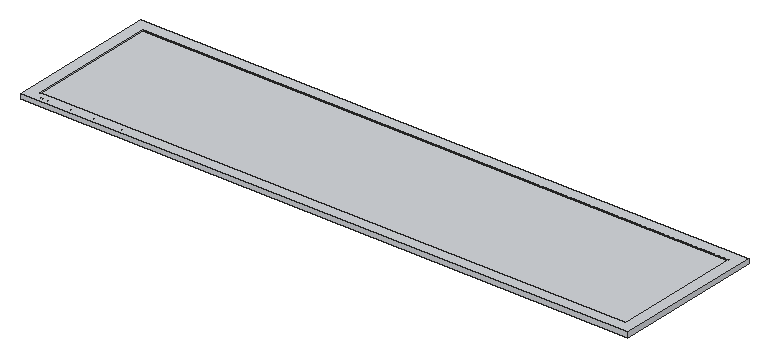
Revit family "0042573", category Lighting Fixtures, host Face, Revit 2017
Family settings
  Host = Face
  Round Connector Dimension = Use Diameter
  Part Type = Normal
  OmniClass Number = 23.80.70.00
  OmniClass Title = Lighting
  Cut with Voids When Loaded = No
  Light Source = Yes
  Shared = No
  Room Calculation Point = No
Parameters (values of type "0042573 ST PANEL UGR19 1200X300 3800LM 840 SSC")
  Weight = "kg"
  Wattage Comments = ""
  Wattage = 36 W
  WarrantyStartDate [instance] = "n/a"
  WarrantyGuarantorParts = "n/a"
  WarrantyDurationUnit = "n/a"
  WarrantyDurationParts = "n/a"
  WarrantyDescription = "n/a"
  WIDTH_SYL = 147.5 mm
  built-in parameter 1150110 = 1 (stored number, unit not read)
  Voltage = 0 V
  URL = "http://www.sylvania-lighting.com"
  TypeName = "START Panel UGR19 1200x300 3800Lm 840 SSC"
  Type Image = <None>
  Type Comments = "n/a"
  built-in parameter 1114217 = 1 (stored number, unit not read)
  Tilt Angle = -90.00°
  built-in parameter 1150109 = 1 (stored number, unit not read)
  built-in parameter 1150134 = 12
  TOP__WIDTH_SYL = 545 mm
  TOP_WIDTH_SYL = 265 mm
  TOP_DEPTH_SYL = 95 mm
  built-in parameter 1150113 = 1 (stored number, unit not read)
  SerialNumber [instance] = "n/a"
  Photometric Web File = "0042573.ies"
  Material_3_SYL = none
  PowerFactor = 0
  PowerConsumption = "36 W"
  NominalLength = 1195 mm
  NominalHeight = 35 mm
  NominalDepth = 295 mm
  Name = "START Panel UGR19 1200x300 3800Lm 840 SSC"
  ModelReference = Name  # "START Panel UGR19 1200x300 3800Lm 840 SSC"
  ModelNumber = "0042573"
  Model = Name  # "START Panel UGR19 1200x300 3800Lm 840 SSC"
  Material = "aluminium,steel housing, other diffuser"
  ManufacturerName = "Feilo Sylvania"
  Manufacturer = "Feilo Sylvania"
  MAINHEIGHT_SYL = 63 mm
  LuminousEfficacy = "106 lm/W"
  built-in parameter 1150105 = 303.67 (stored number, unit not read)
  Lumens = 3816 lm
  LuminaireType = ""
  built-in parameter 1150115 = 1 (stored number, unit not read)
  LightOutputRatio = "n/a"
  built-in parameter 1150137 = (empty or 0)
  built-in parameter 1150139 = (empty or 0)
  LampsType = Lamp  # "LED"
  LampNominalLuminous = "3800 lm"
  LampMacAdamStep = "3"
  LampColourTemperature = "4000 K"
  LampColourRenderingIndex = "80"
  built-in parameter 1150112 = 1 (stored number, unit not read)
  built-in parameter 1150114 = 1 (stored number, unit not read)
  Lamp = "LED"
  LUMWIDTH_SYL = 576.5 mm
  LUMDEPTH_SYL = 126.5 mm
  Keynote = "16500"
  InstallationDate [instance] = "n/a"
  InputVoltage = "n/a"
  InputNominalFrequency = "n/a"
  built-in parameter 1150132 = (empty or 0)
  built-in parameter 1150102 = (empty or 0)
  built-in parameter 1150107 = 4000 (stored number, unit not read)
  built-in parameter 1150138 = (empty or 0)
  IngressProtection = "IP40/20"
  ImpactProtectionIndex = "IK03"
  built-in parameter 1150106 = 3.0367 (stored number, unit not read)
  IfcExportType = "IfcLightFixtureType"
  IfcExportAs = "IfcLightFixtureType"
  HEIGHT_SYL = 33 mm
  HEIGHTBOTT_SYL = 7 mm
  Emit from Circle Diameter = 609.6 mm
  Emit Shape Visible in Rendering = no
  ElectricShockClassification = "Class II"
  built-in parameter 1150104 = 9.8477 (stored number, unit not read)
  DocumentationLiterature = "http://www.sylvania-lighting.com/product/en-int/products/0042573"
  DimmingControlOptions = "n/a"
  Material_2_SYL = none
  Dimming Lamp Color Temperature Shift = <None>
  Description = "START Panel is a range of backlit LED panels used in recessed ceilings. Ideal for general indoor appliactions such as corridors, breakrooms, offices and meeting rooms. Luminaire dimensions are compatible with common ceiling installation, and the shallow design makes it easy to install in low ceilings. 3800Lm; 36W; 106Lm/W; Drive current: 750mA; Average life: 50000Hrs; 4000K; CRI 80; Glare control <19; IK03; IP40 (from the front); SDCM<3; Class II; Loop in loop out connector for quick installation. SylSmart Standalone (SSC) enabled."
  Default Elevation = 1219.2 mm
  DEPTH_SYL = 597.5 mm
  CreatedOn = "11/2/2020"
  CreatedBy = "@sylvania-lighting.com"
  Cost = 0
  Color Filter = 16777215
  built-in parameter 1114216 [instance] = (empty or 0)
  ClassificationValue = "EF_70_80"
  ClassificationName = "Uniclass2015"
  Material_1_SYL = none
  BarCode [instance] = "n/a"
  built-in parameter 1114218 = 1 (stored number, unit not read)
  BOX_WIDTH_SYL = 40 mm
  built-in parameter 1150133 = 10 (stored number, unit not read)
  AssetType = "Fixed"
  AssetIdentifier [instance] = "n/a"
  Assembly Code = "D5020200"
  Apparent Load = 36 VA
  Material_4_SYL = none
  -LUMDEPTH_SYL = LUMDEPTH_SYL * (-1)  # -126.5 mm
  -BOX_WIDTH_SYL = BOX_WIDTH_SYL * (-1)  # -40 mm
Types (3, lengths in mm): name | TypeName | built-in parameter 1150134 | Photometric Web File | Name | ModelReference | ModelNumber | Model | LuminousEfficacy | built-in parameter 1150105 | Lumens | LampNominalLuminous | LampMacAdamStep | LampColourTemperature | built-in parameter 1150107 | built-in parameter 1150106 | built-in parameter 1150104 | DocumentationLiterature | Description
  0042573 ST PANEL UGR19 1200X300 3800LM 840 SSC | "START Panel UGR19 1200x300 3800Lm 840 SSC" | 12 | "0042573.ies" | "START Panel UGR19 1200x300 3800Lm 840 SSC" | "START Panel UGR19 1200x300 3800Lm 840 SSC" | "0042573" | "START Panel UGR19 1200x300 3800Lm 840 SSC" | "106 lm/W" | 303.67 (stored number, unit not read) | 3816 lm | "3800 lm" | "3" | "4000 K" | 4000 (stored number, unit not read) | 3.0367 (stored number, unit not read) | 9.8477 (stored number, unit not read) | "http://www.sylvania-lighting.com/product/en-int/products/0042573" | "START Panel is a range of backlit LED panels used in recessed ceilings. Ideal for general indoor appliactions such as corridors, breakrooms, offices and meeting rooms. Luminaire dimensions are compatible with common ceiling installation, and the shallow design makes it easy to install in low ceilings. 3800Lm; 36W; 106Lm/W; Drive current: 750mA; Average life: 50000Hrs; 4000K; CRI 80; Glare control <19; IK03; IP40 (from the front); SDCM<3; Class II; Loop in loop out connector for quick installation. SylSmart Standalone (SSC) enabled."
  0042572 ST PANEL UGR19 1200X300 3600LM 830 SSC | "START Panel UGR19 1200x300 3600Lm 830 SSC" | (empty or 0) | "0042572.ies" | "START Panel UGR19 1200x300 3600Lm 830 SSC" | "START Panel UGR19 1200x300 3600Lm 830 SSC" | "0042572" | "START Panel UGR19 1200x300 3600Lm 830 SSC" | "100 lm/W" | 286.48 (stored number, unit not read) | 3600 lm | "3600 lm" | "3" | "3000 K" | 3000 (stored number, unit not read) | 2.8648 (stored number, unit not read) | 9.2903 (stored number, unit not read) | "http://www.sylvania-lighting.com/product/en-int/products/0042572" | "START Panel is a range of backlit LED panels used in recessed ceilings. Ideal for general indoor appliactions such as corridors, breakrooms, offices and meeting rooms. Luminaire dimensions are compatible with common ceiling installation, and the shallow design makes it easy to install in low ceilings. 3600Lm; 36W; 100Lm/W; Drive current: 750mA; Average life: 50000Hrs; 3000K; CRI 80; Glare control <19; IK03; IP40 (from the front); SDCM<3; Class II; Loop in loop out connector for quick installation. SylSmart Standalone (SSC) enabled."
  0042574 ST PANEL UGR19 1200X300 3800LM 865 SSC | "START Panel UGR19 1200x300 3800Lm 865 SSC" | 1 | "0042574.ies" | "START Panel UGR19 1200x300 3800Lm 865 SSC" | "START Panel UGR19 1200x300 3800Lm 865 SSC" | "0042574" | "START Panel UGR19 1200x300 3800Lm 865 SSC" | "106 lm/W" | 303.67 (stored number, unit not read) | 3816 lm | "4000 lm" | "6" | "6500 K" | 6500 (stored number, unit not read) | 3.0367 (stored number, unit not read) | 9.8477 (stored number, unit not read) | "http://www.sylvania-lighting.com/product/en-int/products/0042574" | "START Panel is a range of backlit LED panels used in recessed ceilings. Ideal for general indoor appliactions such as corridors, breakrooms, offices and meeting rooms. Luminaire dimensions are compatible with common ceiling installation, and the shallow design makes it easy to install in low ceilings. 3800Lm; 36W; 106Lm/W; Drive current: 750mA; Average life: 50000Hrs; 6500K; CRI 80; Glare control <19; IK03; IP40 (from the front); Class II; Loop in loop out connector for quick installation. SylSmart Standalone (SSC) enabled."
Reference planes
  plane 1 "Center (Front/Back)": y = 0
  plane 2: z = 0
  plane 3 "Center (Left/Right)": x = 0
  plane 4: z = -33
  plane 5: z = -7
  plane 6: z = -63
  plane 7: x = 597.5
  plane 8: x = -597.5
  plane 9: y = 147.5
  plane 10: y = -147.5
  plane 11: x = 576.5
  plane 12: x = -576.5
  plane 13: y = -126.5
  plane 14: y = 126.5
  plane 15: y = -265
  plane 16: y = 265
  plane 17: x = -40
  plane 18: x = 40
  plane 19: x = 0
  plane 20: x = -545
  plane 21: x = 545
  plane 22: y = -95
  plane 23: y = 95
Forms (mm)
  Extrusion 1, solid
    sketch origin (0, 0, 0) x (1, 0, 0) y (0, 1, 0)
      loop
        line (-597.5, 147.5) -> (-597.5, -147.5) -> (597.5, -147.5) -> (597.5, 147.5) -> (-597.5, 147.5)
    from -7 to 2
  Extrusion 2, void
    sketch origin (0, 0, 0) x (1, 0, 0) y (0, 1, 0)
      loop
        line (-576.5, 126.5) -> (-576.5, -126.5) -> (576.5, -126.5) -> (576.5, 126.5) -> (-576.5, 126.5)
    from 0 to 2
  Extrusion 3, solid
    sketch origin (0, 0, 0) x (1, 0, 0) y (0, 0, 1)
      loop
        line (-576.5, -7) -> (-545, -33) -> (545, -33) -> (576.5, -7) -> (-576.5, -7)
    from -126.5 <- "-LUMDEPTH_SYL" to 126.5 <- "LUMDEPTH_SYL"
  Extrusion 4, void
    sketch origin (319, 1524, 1219.2) x (0, 1, 0) y (0, 0, 1)
      loop
        line (-1397.5, -1226.2) -> (-1429, -1252.2) -> (-1397.5, -1252.2) -> (-1397.5, -1226.2)
      loop
        line (-1650.5, -1226.2) -> (-1650.5, -1252.2) -> (-1619, -1252.2) -> (-1650.5, -1226.2)
    from -1000 to 1000
Cuts and joins
  Extrusion 2 cuts Extrusion 1
  Extrusion 4 cuts Extrusion 3
  joined: Extrusion 1, Extrusion 3
Dimensions and locks
  "HEIGHT_SYL": host face to plane 4
  "HEIGHTBOTT_SYL": host face to plane 5
  "MAINHEIGHT_SYL": host face to plane 6
  "DEPTH_SYL": plane 8 to plane 3 "Center (Left/Right)" to plane 7
  "WIDTH_SYL": plane 10 to plane 1 "Center (Front/Back)" to plane 9
  "LUMWIDTH_SYL": plane 12 to plane 3 "Center (Left/Right)" to plane 11
  "LUMDEPTH_SYL": plane 13 to plane 1 "Center (Front/Back)" to plane 14
  "TOP_WIDTH_SYL": plane 16 to imposter light to plane 15
  "BOX_WIDTH_SYL": plane 17 to imposter light to plane 18
  "TOP__WIDTH_SYL": plane 20 to imposter light to plane 21
  "TOP_DEPTH_SYL": plane 23 to imposter light to plane 22
  aligned and locked: plane 2 to host face
  aligned and locked: level to host face
  aligned and locked: Extrusion 1 sketch curve to plane 9
  aligned and locked: plane 8 to Extrusion 1 sketch curve
  aligned and locked: Extrusion 1 sketch curve to plane 10
  aligned and locked: Extrusion 1 sketch curve to plane 7
  aligned and locked: plane 14 to Extrusion 2 sketch curve
  aligned and locked: plane 12 to Extrusion 2 sketch curve
  aligned and locked: Extrusion 2 sketch curve to plane 13
  aligned and locked: Extrusion 2 sketch curve to plane 11
Automatic sketch dimensions
  host sketch curve to host sketch curve = 2438.4 mm  (x2)
  Extrusion 3 sketch curve to plane 5 = 0 mm
  Extrusion 3 sketch curve to plane 12 = 0 mm
  Extrusion 3 sketch curve to plane 4 = 0 mm
  plane 20 to Extrusion 3 sketch curve = 0 mm
  plane 21 to Extrusion 3 sketch curve = 0 mm
  Extrusion 3 sketch curve to plane 11 = 0 mm
  Extrusion 4 sketch curve to plane 13 = 0 mm
  plane 4 to Extrusion 4 sketch curve = 0 mm  (x2)
  Extrusion 4 sketch curve to plane 22 = 0 mm
  Extrusion 4 sketch curve to plane 23 = 0 mm
  Extrusion 4 sketch curve to plane 14 = 0 mm
  plane 5 to Extrusion 4 sketch curve = 0 mm  (x2)
